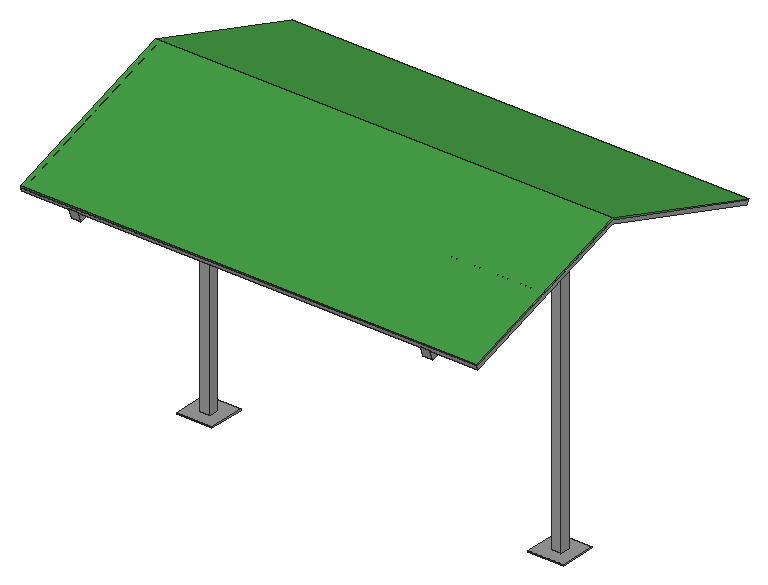
Revit family "Навес от дождя и солнца «Пикник» Арт 9614", category Антураж, Revit 2018
Family settings
  На основе рабочей плоскости = Нет
  Всегда вертикально = Да
  При загрузке вырезать с полостями = Нет
  Источник визуального образа = Геометрия семейства
  Общий = Нет
  Точка расчета площади = Нет
Parameters (values of type "Навес от дождя и солнца «Пикник»")
  Ширина = 2850 mm  # constant formula
  Цвет крыши = Крыша
  Цвет каркаса = Сталь
  Описание = "Навес от дождя и солнца «Пикник»"  # constant formula
  Материал изделия = "Сталь"  # constant formula
  Изображение типоразмера = Навес от дождя и солнца «Пикник» Арт 9614.jpg
  Изготовитель = "ООО «Хоббика»"  # constant formula
  Длина = 3830 mm  # constant formula
  Группа модели = "Навесы и беседки"  # constant formula
  Высота = 2650 mm  # constant formula
  Артикул товара = "Арт. 9614"  # constant formula
  URL = "https://hobbyka.ru/product/naves_ot_dozhdya_i_solntsa_piknik/"
Reference planes
  plane 1 "По центру (Вперед/Назад)": y = 0
  plane 2: z = 0
  plane 3 "По центру (Влево/Вправо)": x = 0
  plane 4: x = 3830
  plane 5: y = 2850
  plane 6: z = 2650
Forms (mm)
  Extrusion 1, solid, material "Крыша" <- "Цвет крыши"
    sketch origin (0, 0, 0) x (0, 1, 0) y (0, 0, 1)
      loop
        line (2850, 2170) -> (1425, 2650) -> (0, 2170) -> (3.192, 2160.523) -> (1425, 2639.448) -> (2846.808, 2160.523) -> (2850, 2170)
    from 0 to 3830
  Extrusion 2, solid, material "Сталь" <- "Цвет каркаса"
    sketch origin (0, 0, 0) x (0, 1, 0) y (0, 0, 1)
      loop
        line (2846.808, 2160.523) -> (1425, 2639.448) -> (3.192, 2160.523) -> (12.769, 2132.093) -> (1425, 2607.792) -> (2837.231, 2132.093) -> (2846.808, 2160.523)
    from 0 to 30
  Extrusion 3, solid, material "Сталь" <- "Цвет каркаса"
    sketch origin (0, 0, 0) x (0, 1, 0) y (0, 0, 1)
      loop
        line (2846.808, 2160.523) -> (2818.377, 2170.1) -> (2808.801, 2141.669) -> (2837.231, 2132.093) -> (2846.808, 2160.523)
      loop
        line (3.192, 2160.523) -> (12.769, 2132.093) -> (41.199, 2141.669) -> (31.623, 2170.1) -> (3.192, 2160.523)
      loop
        line (1440, 2604.395) -> (1440, 2634.395) -> (1410, 2634.395) -> (1410, 2604.395) -> (1440, 2604.395)
      loop
        line (2143.404, 2397.459) -> (2114.973, 2407.036) -> (2105.397, 2378.605) -> (2133.827, 2369.029) -> (2143.404, 2397.459)
      loop
        line (706.596, 2397.459) -> (716.173, 2369.029) -> (744.603, 2378.605) -> (735.027, 2407.036) -> (706.596, 2397.459)
    from 0 to 3830
  Extrusion 4, solid, material "Сталь" <- "Цвет каркаса"
    sketch origin (0, 0, 0) x (0, 1, 0) y (0, 0, 1)
      loop
        line (2846.808, 2160.523) -> (1425, 2639.448) -> (3.192, 2160.523) -> (12.769, 2132.093) -> (1425, 2607.792) -> (2837.231, 2132.093) -> (2846.808, 2160.523)
    from 3800 to 3830
  Extrusion 5, solid, material "Сталь" <- "Цвет каркаса"
    sketch origin (0, 0, 0) x (0, 1, 0) y (0, 0, 1)
      loop
        line (1425, 2607.792) -> (12.769, 2132.093) -> (38.306, 2056.278) -> (1385, 2509.901) -> (1385, 0) -> (1465, 0) -> (1465, 2509.901) -> (2811.694, 2056.278) -> (2837.231, 2132.093) -> (1425, 2607.792)
    from 400 to 480
  Extrusion 6, solid, material "Сталь" <- "Цвет каркаса"
    sketch origin (3830, 0, 0) x (0, 1, 0) y (0, 0, -1)
      loop
        line (1425, -2607.792) -> (2837.231, -2132.093) -> (2811.694, -2056.278) -> (1465, -2509.901) -> (1465, 0) -> (1385, 0) -> (1385, -2509.901) -> (38.306, -2056.278) -> (12.769, -2132.093) -> (1425, -2607.792)
    from 400 to 480
  Extrusion 7, solid, material "Сталь" <- "Цвет каркаса"
    sketch origin (0, 0, 0) x (1, 0, 0) y (0, 1, 0)
      loop
        line (3240, 1575) -> (3240, 1275) -> (3540, 1275) -> (3540, 1575) -> (3240, 1575)
      loop
        line (290, 1575) -> (290, 1275) -> (590, 1275) -> (590, 1575) -> (290, 1575)
    from 0 to 10
Cuts and joins
  joined: Extrusion 2, Extrusion 3, Extrusion 4
Dimensions and locks
  "Длина": plane 3 "По центру (Влево/Вправо)" to plane 4
  "Ширина": plane 5 to plane 1 "По центру (Вперед/Назад)"
  "Высота": plane 6 to plane 2
  aligned and locked: level to plane 2
Automatic sketch dimensions
  Extrusion 1 sketch curve to plane 1 "По центру (Вперед/Назад)" = 0 mm
  Extrusion 1 sketch curve to plane 6 = 0 mm
  Extrusion 1 sketch curve to plane 5 = 0 mm
  Extrusion 1 sketch curve to plane 1 "По центру (Вперед/Назад)" = 3.192 mm
  Extrusion 1 sketch curve to plane 6 = 10.552 mm
  Extrusion 1 sketch curve to plane 1 "По центру (Вперед/Назад)" = 1425 mm
  Extrusion 1 sketch curve to Extrusion 1 sketch curve = 0 mm
  Extrusion 1 sketch curve to plane 5 = 3.192 mm
  Extrusion 2 sketch curve to plane 1 "По центру (Вперед/Назад)" = 3.192 mm
  Extrusion 2 sketch curve to plane 1 "По центру (Вперед/Назад)" = 12.769 mm
  Extrusion 2 sketch curve to plane 6 = 42.208 mm
  Extrusion 2 sketch curve to plane 1 "По центру (Вперед/Назад)" = 1425 mm
  Extrusion 2 sketch curve to plane 6 = 10.552 mm
  Extrusion 2 sketch curve to Extrusion 2 sketch curve = 0 mm
  Extrusion 2 sketch curve to plane 5 = 12.769 mm
  Extrusion 2 sketch curve to plane 5 = 3.192 mm
  Extrusion 3 sketch curve to plane 1 "По центру (Вперед/Назад)" = 3.192 mm
  Extrusion 3 sketch curve to plane 1 "По центру (Вперед/Назад)" = 12.769 mm
  Extrusion 3 sketch curve to Extrusion 3 sketch curve = 28.43 mm  (x2)
  Extrusion 3 sketch curve to plane 1 "По центру (Вперед/Назад)" = 706.596 mm
  Extrusion 3 sketch curve to plane 6 = 280.971 mm  (x2)
  Extrusion 3 sketch curve to Extrusion 3 sketch curve = 9.577 mm  (x5)
  Extrusion 3 sketch curve to plane 6 = 242.964 mm  (x2)
  Extrusion 3 sketch curve to plane 6 = 15.605 mm
  Extrusion 3 sketch curve to Extrusion 3 sketch curve = 674.973 mm
  Extrusion 3 sketch curve to Extrusion 3 sketch curve = 30 mm  (x2)
  Extrusion 3 sketch curve to plane 6 = 271.395 mm
  Extrusion 3 sketch curve to Extrusion 3 sketch curve = 665.397 mm
  Extrusion 3 sketch curve to plane 5 = 41.199 mm
  Extrusion 3 sketch curve to plane 5 = 12.769 mm
  Extrusion 3 sketch curve to plane 6 = 479.9 mm  (x2)
  Extrusion 4 sketch curve to plane 1 "По центру (Вперед/Назад)" = 3.192 mm
  Extrusion 4 sketch curve to plane 1 "По центру (Вперед/Назад)" = 12.769 mm
  Extrusion 4 sketch curve to plane 6 = 42.208 mm
  Extrusion 4 sketch curve to plane 1 "По центру (Вперед/Назад)" = 1425 mm
  Extrusion 4 sketch curve to plane 6 = 10.552 mm
  Extrusion 4 sketch curve to Extrusion 4 sketch curve = 0 mm
  Extrusion 4 sketch curve to plane 5 = 12.769 mm
  Extrusion 4 sketch curve to plane 5 = 3.192 mm
  Extrusion 5 sketch curve to level = 0 mm
  Extrusion 5 sketch curve to plane 1 "По центру (Вперед/Назад)" = 12.769 mm
  Extrusion 5 sketch curve to Extrusion 5 sketch curve = 25.538 mm  (x2)
  Extrusion 5 sketch curve to plane 1 "По центру (Вперед/Назад)" = 1385 mm
  Extrusion 5 sketch curve to plane 6 = 42.208 mm
  Extrusion 5 sketch curve to Extrusion 5 sketch curve = 40 mm
  Extrusion 5 sketch curve to Extrusion 5 sketch curve = 80 mm
  Extrusion 5 sketch curve to plane 5 = 38.306 mm
  Extrusion 5 sketch curve to plane 6 = 593.722 mm  (x2)
  Extrusion 6 sketch curve to level = 0 mm
  Extrusion 6 sketch curve to plane 1 "По центру (Вперед/Назад)" = 12.769 mm
  Extrusion 6 sketch curve to Extrusion 6 sketch curve = 25.538 mm  (x2)
  Extrusion 6 sketch curve to plane 1 "По центру (Вперед/Назад)" = 1385 mm
  Extrusion 6 sketch curve to plane 6 = 42.208 mm
  Extrusion 6 sketch curve to Extrusion 6 sketch curve = 40 mm
  Extrusion 6 sketch curve to Extrusion 6 sketch curve = 80 mm
  Extrusion 6 sketch curve to plane 5 = 38.306 mm
  Extrusion 6 sketch curve to Extrusion 6 sketch curve = 97.89 mm
  Extrusion 6 sketch curve to Extrusion 6 sketch curve = 0 mm
  plane 3 "По центру (Влево/Вправо)" to Extrusion 7 sketch curve = 290 mm
  Extrusion 7 sketch curve to Extrusion 7 sketch curve = 300 mm  (x4)
  Extrusion 7 sketch curve to plane 4 = 590 mm
  Extrusion 7 sketch curve to plane 1 "По центру (Вперед/Назад)" = 1275 mm  (x2)
